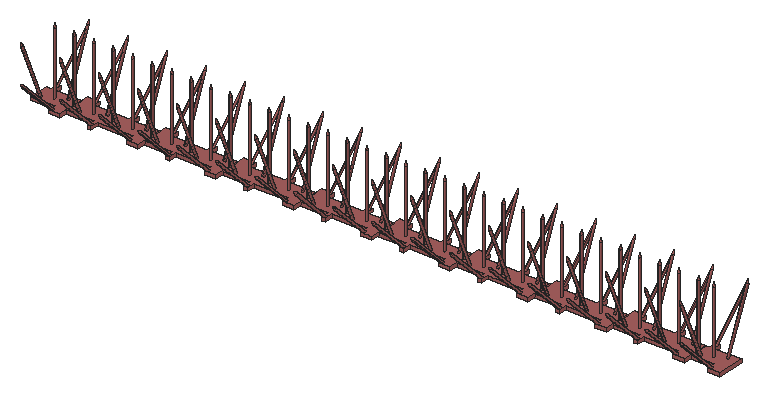
Revit family "BirdControl_Spikes_BirdBGone_2000", category Specialty Equipment, Revit 2017
Family settings
  Round Connector Dimension = Use Diameter
  Part Type = Normal
  OmniClass Number = 23.40.10.14.14.99
  OmniClass Title = Other Manufactured Exterior Specialties
  Cut with Voids When Loaded = No
  Shared = No
  Room Calculation Point = No
Parameters (values of type "BirdBGone template - Line Based")
  Warranty Duration (Years) = 0
  Units [instance] = ([built-in parameter 1001306] - 0' 7") / 0' 5"  # 8
  URL = "http://www.birdbgone.com/"
  Test Data = "http://www.birdbgone.com/bird-control-product-msds"
  Specification = "http://www.arcat.com/sdspecs/htm/10290bir.htm"
  SpecWizard = ""
  Send Message = "http://www.arcat.com/users.pl?action=UserEmail&company=Bird-B-Gone,%20Inc.&coid=38371&rep=147&fax=949-472-3116&mf="
  Sales Information = "http://www.birdbgone.com/bird-control-store/"
  Revision = "R1_10-2010"
  Product Properties = "http://www.arcat.com/bim/bim_info.pl?fn=BirdBGone"
  Product Data = "http://www.arcat.com/arcatcos/cos38/arc38371.html"
  Model = "As Specified in 10 81 19"
  Material = Plastic - Bird B Gone - Polycarbonate - Brick Red
  Manufacturer Website = "http://www.birdbgone.com/"
  Manufacturer Phone - Toll Free = "800-392-6915"
  Manufacturer Phone = "949-472-3122"
  Manufacturer Fax = "949-472-3116"
  Manufacturer Address = "23918 Skyline, Mission Viejo, CA 92692"
  Manufacturer = "Bird-B-Gone, Inc."
  Maintenance Schedule (Months) = 0
  built-in parameter 1001306 [instance] = 4' - 0"
  Keynote = "10 81 19"
  Installation-Fabrication = "http://www.birdbgone.com/installation-instructions"
  Installation Phase = ""
  Green Building-LEED = "http://www.arcat.com/green/clients/leed_data_38371.html"
  Expected Lifespan (Years) = 0
  End [instance] = Units * 0' 5"  # 3' - 4"
  Drawn By = "Robert S. Weygant, CSI, CDT, SCIP"
  Description = "Bird Control Equipment as Specified in 10 81 19"
  Copyright = "2010 ARCAT, Inc."
  Construction Details = "http://www.arcat.com/details/birdbgon/birdbgon.html?coid=38371"
  Building Codes = "http://www.birdbgone.com/knowledge-center/"
  Back Row 2 = yes
  Back Row 1 = yes
  Assembly Code = "E1090900"
Reference planes (in)
  plane 1 "Center (Front/Back)": y = 0
  plane 2: z = 0
  plane 3 "Left": x = 0
  plane 4 "Right": x = 48
  plane 5: y = 0.625
  plane 6: y = -0.625
  plane 7: x = 2.25
  plane 8: x = 42.25
Lines and regions (in)
  reference lines
    curve 1: line (0, 0, 0) -> (48, 0, 0)
Dimensions and locks (in)
  "built-in parameter 1001306": plane 3 "Left" to plane 4 "Right"
  equal spacing: plane 5, curve 1, plane 6
  locked: plane 5 to plane 6 at 1.25
  equal spacing: group 1, group 2, group 3, group 4, group 5, group 6, group 7, group 8  (x3)
  locked: plane 3 "Left" to plane 7 at 2.25
  "End": plane 7 to plane 8
  aligned and locked: plane 4 "Right" to curve 1
  aligned and locked: plane 3 "Left" to curve 1
  aligned and locked: nested 10 to plane 8
Nested families (in)
  nested 1: "SpikeUnit_2000_End" at (0, 0, 0) x (0, -1, 0) z (0, 0, 1), Back Row 2 <- "Back Row 2", Back Row 1 <- "Back Row 1", Material <- "Material", type "BirdBGone template - Standalone"
    with offset 0' - 0", Unit Height 0' - 4 1/2", Material Plastic - Bird B Gone - Polycarbonate - Brick Red, End Peg yes, Back Row 2 yes, Back Row 1 yes
  nested 2: "SpikeUnit_2000" at (4.75, 0, 0) x (0, -1, 0) z (0, 0, 1), Back Row 2 <- "Back Row 2", Back Row 1 <- "Back Row 1", Material <- "Material", type "BirdBGone template - Standalone"
    with offset 0' - 0", Unit Height 0' - 4 1/2", Material Plastic - Bird B Gone - Polycarbonate - Brick Red, Back Row 2 yes, Back Row 1 yes
  nested 3: "SpikeUnit_2000" at (9.75, 0, 0) x (0, -1, 0) z (0, 0, 1), Back Row 2 <- "Back Row 2", Back Row 1 <- "Back Row 1", Material <- "Material", type "BirdBGone template - Standalone"
    with offset 0' - 0", Unit Height 0' - 4 1/2", Material Plastic - Bird B Gone - Polycarbonate - Brick Red, Back Row 2 yes, Back Row 1 yes
  nested 4: "SpikeUnit_2000" at (14.75, 0, 0) x (0, -1, 0) z (0, 0, 1), Back Row 2 <- "Back Row 2", Back Row 1 <- "Back Row 1", Material <- "Material", type "BirdBGone template - Standalone"
    with offset 0' - 0", Unit Height 0' - 4 1/2", Material Plastic - Bird B Gone - Polycarbonate - Brick Red, Back Row 2 yes, Back Row 1 yes
  nested 5: "SpikeUnit_2000" at (19.75, 0, 0) x (0, -1, 0) z (0, 0, 1), Back Row 2 <- "Back Row 2", Back Row 1 <- "Back Row 1", Material <- "Material", type "BirdBGone template - Standalone"
    with offset 0' - 0", Unit Height 0' - 4 1/2", Material Plastic - Bird B Gone - Polycarbonate - Brick Red, Back Row 2 yes, Back Row 1 yes
  nested 6: "SpikeUnit_2000" at (24.75, 0, 0) x (0, -1, 0) z (0, 0, 1), Back Row 2 <- "Back Row 2", Back Row 1 <- "Back Row 1", Material <- "Material", type "BirdBGone template - Standalone"
    with offset 0' - 0", Unit Height 0' - 4 1/2", Material Plastic - Bird B Gone - Polycarbonate - Brick Red, Back Row 2 yes, Back Row 1 yes
  nested 7: "SpikeUnit_2000" at (29.75, 0, 0) x (0, -1, 0) z (0, 0, 1), Back Row 2 <- "Back Row 2", Back Row 1 <- "Back Row 1", Material <- "Material", type "BirdBGone template - Standalone"
    with offset 0' - 0", Unit Height 0' - 4 1/2", Material Plastic - Bird B Gone - Polycarbonate - Brick Red, Back Row 2 yes, Back Row 1 yes
  nested 8: "SpikeUnit_2000" at (34.75, 0, 0) x (0, -1, 0) z (0, 0, 1), Back Row 2 <- "Back Row 2", Back Row 1 <- "Back Row 1", Material <- "Material", type "BirdBGone template - Standalone"
    with offset 0' - 0", Unit Height 0' - 4 1/2", Material Plastic - Bird B Gone - Polycarbonate - Brick Red, Back Row 2 yes, Back Row 1 yes
  nested 9: "SpikeUnit_2000" at (39.75, 0, 0) x (0, -1, 0) z (0, 0, 1), Back Row 2 <- "Back Row 2", Back Row 1 <- "Back Row 1", Material <- "Material", type "BirdBGone template - Standalone"
    with offset 0' - 0", Unit Height 0' - 4 1/2", Material Plastic - Bird B Gone - Polycarbonate - Brick Red, Back Row 2 yes, Back Row 1 yes
  nested 10: "SpikeUnit_2000_End" at (42.25, 0, 0) x (0, -1, 0) z (0, 0, 1), Back Row 2 <- "Back Row 2", Back Row 1 <- "Back Row 1", Material <- "Material", type "BirdBGone template - Standalone"
    with offset 0' - 0", Unit Height 0' - 4 1/2", Material Plastic - Bird B Gone - Polycarbonate - Brick Red, End Peg no, Back Row 2 yes, Back Row 1 yes
Definition of nested family "SpikeUnit_2000_End"
  Parameters
    offset [instance] = 0' - 0"
    Warranty Duration (Years) = 0
    Unit Width = 0' - 7"
    Unit Height [instance] = 0' - 4 1/2"
    Unit Depth = 0' - 0 1/4"
    URL = "http://www.birdbgone.com/"
    Test Data = "http://www.birdbgone.com/bird-control-product-msds"
    Specification = "http://www.arcat.com/sdspecs/htm/10290bir.htm"
    SpecWizard = ""
    Send Message = "http://www.arcat.com/users.pl?action=UserEmail&company=Bird-B-Gone,%20Inc.&coid=38371&rep=147&fax=949-472-3116&mf="
    Sales Information = "http://www.birdbgone.com/bird-control-store/"
    Revision = "R1_10-2010"
    Product Properties = "http://www.arcat.com/bim/bim_info.pl?fn=BirdBGone"
    Product Data = "http://www.arcat.com/arcatcos/cos38/arc38371.html"
    Model = "As Specified in 10 81 19"
    Material [instance] = none
    Manufacturer Website = "http://www.birdbgone.com/"
    Manufacturer Phone - Toll Free = "800-392-6915"
    Manufacturer Phone = "949-472-3122"
    Manufacturer Fax = "949-472-3116"
    Manufacturer Address = "23918 Skyline, Mission Viejo, CA 92692"
    Manufacturer = "Bird-B-Gone, Inc."
    Maintenance Schedule (Months) = 0
    Keynote = "10 81 19"
    Installation-Fabrication = "http://www.birdbgone.com/installation-instructions"
    Installation Phase = ""
    Green Building-LEED = "http://www.arcat.com/green/clients/leed_data_38371.html"
    Expected Lifespan (Years) = 0
    End Peg [instance] = yes
    Drawn By = "Robert S. Weygant, CSI, CDT, SCIP"
    Description = "Bird Control Equipment as Specified in 10 81 19"
    Copyright = "wt"
    Construction Details = "http://www.arcat.com/details/birdbgon/birdbgon.html?coid=38371"
    Building Codes = "http://www.birdbgone.com/knowledge-center/"
    Back Row 2 [instance] = yes
    Back Row 1 [instance] = yes
    Assembly Code = "E1090900"
  Reference planes (in)
    plane 1 "Center (Front/Back)": y = 0
    plane 2 "Bottom": z = 0
    plane 3 "Center (Left/Right)": x = 0
    plane 4 "Top": z = 4.5
    plane 5: y = 2.25
  Forms (in)
    Extrusion 1, solid, material <- "Material"
      sketch origin (0, -0.5, 0) x (0, -1, 0) y (1, 0, 0)
        loop
          line (-0.5, -0.625) -> (-0.5, 0.625) -> (-2, 0.625) -> (-2, 1.125) -> (-2.75, 1.125) -> (-2.75, -0.625) -> (-1.00192, -0.625) -> (-1.00192, -1.125) -> (-0.75, -1.125) -> (-0.75, -0.625) -> (-0.5, -0.625)
      from 0 to 0.21875
    Revolve 2, solid, material <- "Material", detail levels medium+fine
      sketch origin (0.78125, 1.625, 0) x (0.707107, 0, 0.707107) y (-0.707107, 0, 0.707107)
        loop
          line (3.875, 0) -> (0.15782, 0) -> (0.15782, -0.0625) -> (3.64088, -0.0625) -> (3.875, 0)
        axis (3.875, 0) -> (0.15782, 0)
      angle from 0 to 360
    Revolve 3, solid, material <- "Material", visible <- "Back Row 2", detail levels medium+fine
      sketch origin (-0.78125, 0.375, 0) x (-0.707107, 0, 0.707107) y (-0.707107, 0, -0.707107)
        loop
          line (3.875, 0) -> (3.64088, 0.0625) -> (0.15782, 0.0625) -> (0.15782, 0) -> (3.875, 0)
        axis (3.875, 0) -> (0.15782, 0)
      angle from 0 to 360
    Revolve 4, solid, material <- "Material", visible <- "Back Row 1", detail levels medium+fine
      sketch origin (-0.18577, 1.625, 0) x (-0.707107, 0, 0.707107) y (-0.707107, 0, -0.707107)
        loop
          line (4.10185, -1.59349) -> (3.90819, -1.44784) -> (0.24709, 0.03134) -> (0.22368, -0.02661) -> (4.10185, -1.59349)
        axis (4.10185, -1.59349) -> (0.22368, -0.02661)
      angle from 0 to 360
    Revolve 5, solid, material <- "Material", detail levels medium+fine
      sketch origin (0.18577, 0.375, 0) x (0.707107, 0, 0.707107) y (-0.707107, 0, 0.707107)
        loop
          line (4.10185, 1.59349) -> (0.22368, 0.02661) -> (0.24709, -0.03134) -> (3.90819, 1.44784) -> (4.10185, 1.59349)
        axis (4.10185, 1.59349) -> (0.22368, 0.02661)
      angle from 0 to 360
    Revolve 6, solid, material <- "Material", detail levels medium+fine
      sketch origin (-0.05912, 1, -0.04038) x (0.374607, 0, 0.927184) y (-0.927184, 0, 0.374607)
        loop
          line (4.23191, 1.64604) -> (0.26241, 0.04225) -> (0.28582, -0.01569) -> (4.03825, 1.50039) -> (4.23191, 1.64604)
        axis (4.23191, 1.64604) -> (0.26241, 0.04225)
      angle from 0 to 360
    Revolve 7, solid, material <- "Material", visible <- "End Peg", detail levels medium+fine
      sketch origin (-0.05912, 2.25, -0.04038) x (0.374607, 0, 0.927184) y (-0.927184, 0, 0.374607)
        loop
          line (4.23191, 1.64604) -> (0.26241, 0.04225) -> (0.28582, -0.01569) -> (4.03825, 1.50039) -> (4.23191, 1.64604)
        axis (4.23191, 1.64604) -> (0.26241, 0.04225)
      angle from 0 to 360
  Lines and regions (in)
    model lines, detail levels coarse
      curve 1: line (0, 1, 0.21875) -> (0, 1, 4.5)
      curve 2: line (0.34375, 0.375, 0.21875) -> (1.95937, 0.375, 4.02714)
      curve 4: line (1, 1.625, 0.21875) -> (3.5213, 1.625, 2.74005)
    model lines, visible <- "Back Row 1", detail levels coarse
      curve 3: line (-0.34375, 1.625, 0.21875) -> (-1.95937, 1.625, 4.02714)
    model lines, visible <- "Back Row 2", detail levels coarse
      curve 5: line (-1, 0.375, 0.21875) -> (-3.5213, 0.375, 2.74005)
    model lines, visible <- "End Peg", detail levels coarse
      curve 6: line (0, 2.25, 0.21875) -> (0, 2.25, 4.5)
  Dimensions and locks (in)
    "Unit Height": plane 4 "Top" to level
  Automatic sketch dimensions
    Extrusion 1 sketch curve to plane 5 = 0' - 0"
    Extrusion 1 sketch curve to plane 1 "Center (Front/Back)" = 0' - 0"
    Extrusion 1 sketch curve to Extrusion 1 sketch curve = 0' - 0 3/4"
    Extrusion 1 sketch curve to plane 1 "Center (Front/Back)" = 0' - 0.50192"
    Extrusion 1 sketch curve to plane 1 "Center (Front/Back)" = 0' - 0 1/4"
    Extrusion 1 sketch curve to plane 3 "Center (Left/Right)" = 0' - 1 1/8"
    Extrusion 1 sketch curve to Extrusion 1 sketch curve = 0' - 0 1/2"  (x2)
    Extrusion 1 sketch curve to plane 3 "Center (Left/Right)" = 0' - 0 5/8"
    plane 3 "Center (Left/Right)" to Extrusion 1 sketch curve = 0' - 0 5/8"
    Revolve 2 sketch curve to plane 3 "Center (Left/Right)" = 0' - 0.22412"
    Revolve 2 sketch curve to level = 0' - 1.00537"
    Revolve 2 sketch curve to Revolve 2 sketch curve = 0' - 1.57963"
    Revolve 2 sketch curve to Revolve 2 sketch curve = 0' - 3.48306"
    Revolve 2 sketch curve to Revolve 2 sketch curve = 0' - 0.23412"
    Revolve 2 sketch curve to Revolve 2 sketch curve = 0' - 1.2032"
    Revolve 2 sketch curve to Revolve 2 sketch curve = 0' - 0"
    Revolve 2 sketch curve to Revolve 2 sketch curve = 0' - 0 1/16"
    plane 3 "Center (Left/Right)" to Revolve 3 sketch curve = 0' - 0.22412"
    Revolve 3 sketch curve to level = 0' - 1.00537"
    Revolve 3 sketch curve to Revolve 3 sketch curve = 0' - 1.57963"
    Revolve 3 sketch curve to Revolve 3 sketch curve = 0' - 3.48306"
    Revolve 3 sketch curve to Revolve 3 sketch curve = 0' - 0.23412"
    Revolve 3 sketch curve to Revolve 3 sketch curve = 0' - 1.2032"
    Revolve 3 sketch curve to Revolve 3 sketch curve = 0' - 0"
    Revolve 3 sketch curve to Revolve 3 sketch curve = 0' - 0 1/16"
    plane 3 "Center (Left/Right)" to Revolve 4 sketch curve = 0' - 0.31984"
    Revolve 4 sketch curve to level = 0' - 1.34246"
    Revolve 4 sketch curve to Revolve 4 sketch curve = 0' - 1.53046"
    Revolve 4 sketch curve to Revolve 4 sketch curve = 0' - 0.02341"
    Revolve 4 sketch curve to Revolve 4 sketch curve = 0' - 3.6611"
    Revolve 4 sketch curve to Revolve 4 sketch curve = 0' - 0.19366"
    Revolve 4 sketch curve to Revolve 4 sketch curve = 0' - 0.61807"
    Revolve 4 sketch curve to Revolve 4 sketch curve = 0' - 0.5604"
    Revolve 4 sketch curve to Revolve 4 sketch curve = 0' - 0.05795"
    Revolve 4 sketch curve to Revolve 4 sketch curve = 0' - 0.24972"
    Revolve 5 sketch curve to plane 3 "Center (Left/Right)" = 0' - 0.31984"
    Revolve 5 sketch curve to level = 0' - 1.34246"
    Revolve 5 sketch curve to Revolve 5 sketch curve = 0' - 1.53046"
    Revolve 5 sketch curve to Revolve 5 sketch curve = 0' - 0.02341"
    Revolve 5 sketch curve to Revolve 5 sketch curve = 0' - 3.6611"
    Revolve 5 sketch curve to Revolve 5 sketch curve = 0' - 0.19366"
    Revolve 5 sketch curve to Revolve 5 sketch curve = 0' - 0.61807"
    Revolve 5 sketch curve to Revolve 5 sketch curve = 0' - 0.5604"
    Revolve 5 sketch curve to Revolve 5 sketch curve = 0' - 0.05795"
    Revolve 5 sketch curve to Revolve 5 sketch curve = 0' - 0.24972"
    Revolve 6 sketch curve to plane 3 "Center (Left/Right)" = 0' - 0"  (x4)
    Revolve 6 sketch curve to plane 4 "Top" = 0' - 0"
    Revolve 6 sketch curve to Revolve 6 sketch curve = 0' - 0.19366"
    Revolve 6 sketch curve to Revolve 6 sketch curve = 0' - 3.75243"
    Revolve 6 sketch curve to Revolve 6 sketch curve = 0' - 0.02341"
    Revolve 6 sketch curve to Revolve 6 sketch curve = 0' - 1.56919"
    Revolve 6 sketch curve to Revolve 6 sketch curve = 0' - 0.488"
    curve 1 to plane 3 "Center (Left/Right)" = 0' - 0"  (x2)
    curve 1 to plane 4 "Top" = 0' - 0"
    curve 1 to curve 1 = 0' - 3.0273"
    curve 5 to plane 4 "Top" = 0' - 1.75995"
    curve 5 to plane 3 "Center (Left/Right)" = 0' - 3.5213"
    curve 5 to curve 2 = 0' - 0.95017"
    curve 2 to curve 2 = 0' - 3.83535"
    curve 2 to curve 5 = 0' - 2.9653"
    curve 5 to curve 5 = 0' - 3.56565"
    curve 2 to curve 5 = 0' - 0.95017"
    level to curve 3 = 0' - 0 7/32"
    curve 3 to plane 3 "Center (Left/Right)" = 0' - 0 11/32"
    curve 3 to curve 4 = 0' - 0.95017"
    curve 3 to curve 3 = 0' - 1.55053"
    curve 4 to curve 4 = 0' - 3.56565"
    curve 4 to curve 3 = 0' - 0.95017"
    curve 3 to curve 3 = 0' - 3.83535"
    Revolve 7 sketch curve to plane 3 "Center (Left/Right)" = 0' - 0"  (x4)
    Revolve 7 sketch curve to plane 4 "Top" = 0' - 0"
    Revolve 7 sketch curve to Revolve 7 sketch curve = 0' - 0.19366"
    Revolve 7 sketch curve to Revolve 7 sketch curve = 0' - 3.75243"
    Revolve 7 sketch curve to Revolve 7 sketch curve = 0' - 0.02341"
    Revolve 7 sketch curve to Revolve 7 sketch curve = 0' - 1.56919"
    Revolve 7 sketch curve to Revolve 7 sketch curve = 0' - 0.488"
    curve 6 to plane 3 "Center (Left/Right)" = 0' - 0"  (x2)
    curve 6 to plane 4 "Top" = 0' - 0"
    curve 6 to curve 6 = 0' - 3.0273"
Definition of nested family "SpikeUnit_2000"
  Parameters
    offset [instance] = 0' - 0"
    Warranty Duration (Years) = 0
    Unit Width = 0' - 7"
    Unit Height [instance] = 0' - 4 1/2"
    Unit Depth = 0' - 0 1/4"
    URL = "http://www.birdbgone.com/"
    Test Data = "http://www.birdbgone.com/bird-control-product-msds"
    Specification = "http://www.arcat.com/sdspecs/htm/10290bir.htm"
    SpecWizard = ""
    Send Message = "http://www.arcat.com/users.pl?action=UserEmail&company=Bird-B-Gone,%20Inc.&coid=38371&rep=147&fax=949-472-3116&mf="
    Sales Information = "http://www.birdbgone.com/bird-control-store/"
    Revision = "R1_10-2010"
    Product Properties = "http://www.arcat.com/bim/bim_info.pl?fn=BirdBGone"
    Product Data = "http://www.arcat.com/arcatcos/cos38/arc38371.html"
    Model = "As Specified in 10 81 19"
    Material [instance] = none
    Manufacturer Website = "http://www.birdbgone.com/"
    Manufacturer Phone - Toll Free = "800-392-6915"
    Manufacturer Phone = "949-472-3122"
    Manufacturer Fax = "949-472-3116"
    Manufacturer Address = "23918 Skyline, Mission Viejo, CA 92692"
    Manufacturer = "Bird-B-Gone, Inc."
    Maintenance Schedule (Months) = 0
    Keynote = "10 81 19"
    Installation-Fabrication = "http://www.birdbgone.com/installation-instructions"
    Installation Phase = ""
    Green Building-LEED = "http://www.arcat.com/green/clients/leed_data_38371.html"
    Expected Lifespan (Years) = 0
    Drawn By = "Robert S. Weygant, CSI, CDT, SCIP"
    Description = "Bird Control Equipment as Specified in 10 81 19"
    Copyright = "wt"
    Construction Details = "http://www.arcat.com/details/birdbgon/birdbgon.html?coid=38371"
    Building Codes = "http://www.birdbgone.com/knowledge-center/"
    Back Row 2 [instance] = yes
    Back Row 1 [instance] = yes
    Assembly Code = "E1090900"
  Reference planes (in)
    plane 1 "Center (Front/Back)": y = 0
    plane 2 "Bottom": z = 0
    plane 3 "Center (Left/Right)": x = 0
    plane 4 "Top": z = 4.5
    plane 5: y = 2.5
    plane 6: y = -2.5
  Forms (in)
    Extrusion 1, solid, material <- "Material"
      sketch origin (0, -0.25, 0) x (0, -1, 0) y (1, 0, 0)
        loop
          line (1.5, -0.625) -> (1.5, -1.125) -> (2.25, -1.125) -> (2.25, 0.625) -> (0.5, 0.625) -> (0.5, 1.125) -> (0.24808, 1.125) -> (0.24808, 0.625) -> (-2, 0.625) -> (-2, 1.125) -> (-2.75, 1.125) -> (-2.75, -0.625) -> (-1.00192, -0.625) -> (-1.00192, -1.125) -> (-0.75, -1.125) -> (-0.75, -0.625) -> (1.5, -0.625)
      from 0 to 0.21875
    Revolve 2, solid, material <- "Material", detail levels medium+fine
      sketch origin (0.78125, 1.875, 0) x (0.707107, 0, 0.707107) y (-0.707107, 0, 0.707107)
        loop
          line (3.875, 0) -> (0.15782, 0) -> (0.15782, -0.0625) -> (3.64088, -0.0625) -> (3.875, 0)
        axis (3.875, 0) -> (0.15782, 0)
      angle from 0 to 360
    Revolve 3, solid, material <- "Material", detail levels medium+fine
      sketch origin (0.78125, -0.625, 0) x (0.707107, 0, 0.707107) y (-0.707107, 0, 0.707107)
        loop
          line (3.875, 0) -> (0.15782, 0) -> (0.15782, -0.0625) -> (3.64088, -0.0625) -> (3.875, 0)
        axis (3.875, 0) -> (0.15782, 0)
      angle from 0 to 360
    Revolve 4, solid, material <- "Material", visible <- "Back Row 2", detail levels medium+fine
      sketch origin (-0.78125, 0.625, 0) x (-0.707107, 0, 0.707107) y (-0.707107, 0, -0.707107)
        loop
          line (3.875, 0) -> (3.64088, 0.0625) -> (0.15782, 0.0625) -> (0.15782, 0) -> (3.875, 0)
        axis (3.875, 0) -> (0.15782, 0)
      angle from 0 to 360
    Revolve 5, solid, material <- "Material", visible <- "Back Row 2", detail levels medium+fine
      sketch origin (-0.78125, -1.875, 0) x (-0.707107, 0, 0.707107) y (-0.707107, 0, -0.707107)
        loop
          line (3.875, 0) -> (3.64088, 0.0625) -> (0.15782, 0.0625) -> (0.15782, 0) -> (3.875, 0)
        axis (3.875, 0) -> (0.15782, 0)
      angle from 0 to 360
    Revolve 6, solid, material <- "Material", visible <- "Back Row 1", detail levels medium+fine
      sketch origin (-0.18577, 1.875, 0) x (-0.707107, 0, 0.707107) y (-0.707107, 0, -0.707107)
        loop
          line (4.10185, -1.59349) -> (3.90819, -1.44784) -> (0.24709, 0.03134) -> (0.22368, -0.02661) -> (4.10185, -1.59349)
        axis (4.10185, -1.59349) -> (0.22368, -0.02661)
      angle from 0 to 360
    Revolve 7, solid, material <- "Material", visible <- "Back Row 1", detail levels medium+fine
      sketch origin (-0.18577, -0.625, 0) x (-0.707107, 0, 0.707107) y (-0.707107, 0, -0.707107)
        loop
          line (4.10185, -1.59349) -> (3.90819, -1.44784) -> (0.24709, 0.03134) -> (0.22368, -0.02661) -> (4.10185, -1.59349)
        axis (4.10185, -1.59349) -> (0.22368, -0.02661)
      angle from 0 to 360
    Revolve 8, solid, material <- "Material", detail levels medium+fine
      sketch origin (0.18577, 0.625, 0) x (0.707107, 0, 0.707107) y (-0.707107, 0, 0.707107)
        loop
          line (4.10185, 1.59349) -> (0.22368, 0.02661) -> (0.24709, -0.03134) -> (3.90819, 1.44784) -> (4.10185, 1.59349)
        axis (4.10185, 1.59349) -> (0.22368, 0.02661)
      angle from 0 to 360
    Revolve 9, solid, material <- "Material", detail levels medium+fine
      sketch origin (0.18577, -1.875, 0) x (0.707107, 0, 0.707107) y (-0.707107, 0, 0.707107)
        loop
          line (4.10185, 1.59349) -> (0.22368, 0.02661) -> (0.24709, -0.03134) -> (3.90819, 1.44784) -> (4.10185, 1.59349)
        axis (4.10185, 1.59349) -> (0.22368, 0.02661)
      angle from 0 to 360
    Revolve 10, solid, material <- "Material", detail levels medium+fine
      sketch origin (-0.05912, -1.25, -0.04038) x (0.374607, 0, 0.927184) y (-0.927184, 0, 0.374607)
        loop
          line (4.23191, 1.64604) -> (0.26241, 0.04225) -> (0.28582, -0.01569) -> (4.03825, 1.50039) -> (4.23191, 1.64604)
        axis (4.23191, 1.64604) -> (0.26241, 0.04225)
      angle from 0 to 360
    Revolve 11, solid, material <- "Material", detail levels medium+fine
      sketch origin (-0.05912, 1.25, -0.04038) x (0.374607, 0, 0.927184) y (-0.927184, 0, 0.374607)
        loop
          line (4.23191, 1.64604) -> (0.26241, 0.04225) -> (0.28582, -0.01569) -> (4.03825, 1.50039) -> (4.23191, 1.64604)
        axis (4.23191, 1.64604) -> (0.26241, 0.04225)
      angle from 0 to 360
    Revolve 12, solid, material <- "Material", detail levels medium+fine
      sketch origin (-0.05912, 0, -0.04038) x (0.374607, 0, 0.927184) y (-0.927184, 0, 0.374607)
        loop
          line (4.23191, 1.64604) -> (0.26241, 0.04225) -> (0.28582, -0.01569) -> (4.03825, 1.50039) -> (4.23191, 1.64604)
        axis (4.23191, 1.64604) -> (0.26241, 0.04225)
      angle from 0 to 360
    Revolve 13, solid, material <- "Material", detail levels medium+fine
      sketch origin (-0.05912, 2.5, -0.04038) x (0.374607, 0, 0.927184) y (-0.927184, 0, 0.374607)
        loop
          line (4.23191, 1.64604) -> (0.26241, 0.04225) -> (0.28582, -0.01569) -> (4.03825, 1.50039) -> (4.23191, 1.64604)
        axis (4.23191, 1.64604) -> (0.26241, 0.04225)
      angle from 0 to 360
  Lines and regions (in)
    model lines, detail levels coarse
      curve 1: line (0, 0, 0.21875) -> (0, 0, 4.5)
      curve 2: line (0, -1.25, 0.21875) -> (0, -1.25, 4.5)
      curve 3: line (0, 1.25, 0.21875) -> (0, 1.25, 4.5)
      curve 4: line (0.34375, -1.875, 0.21875) -> (1.95937, -1.875, 4.02714)
      curve 5: line (0.34375, 0.625, 0.21875) -> (1.95937, 0.625, 4.02714)
      curve 8: line (1, -0.625, 0.21875) -> (3.5213, -0.625, 2.74005)
      curve 9: line (1, 1.875, 0.21875) -> (3.5213, 1.875, 2.74005)
      curve 12: line (0, 2.5, 0.21875) -> (0, 2.5, 4.5)
    model lines, visible <- "Back Row 1", detail levels coarse
      curve 6: line (-0.34375, -0.625, 0.21875) -> (-1.95937, -0.625, 4.02714)
      curve 7: line (-0.34375, 1.875, 0.21875) -> (-1.95937, 1.875, 4.02714)
    model lines, visible <- "Back Row 2", detail levels coarse
      curve 10: line (-1, -1.875, 0.21875) -> (-3.5213, -1.875, 2.74005)
      curve 11: line (-1, 0.625, 0.21875) -> (-3.5213, 0.625, 2.74005)
  Dimensions and locks (in)
    "Unit Height": plane 4 "Top" to level
  Automatic sketch dimensions
    curve 1 to plane 3 "Center (Left/Right)" = 0' - 0"  (x2)
    curve 1 to plane 4 "Top" = 0' - 0"
    curve 1 to curve 1 = 0' - 3.0273"
    Extrusion 1 sketch curve to plane 5 = 0' - 0"
    Extrusion 1 sketch curve to plane 6 = 0' - 0"
    Extrusion 1 sketch curve to Extrusion 1 sketch curve = 0' - 0 3/4"
    Extrusion 1 sketch curve to plane 1 "Center (Front/Back)" = 0' - 0.75192"
    Extrusion 1 sketch curve to Extrusion 1 sketch curve = 0' - 0.25192"  (x2)
    plane 1 "Center (Front/Back)" to Extrusion 1 sketch curve = 0' - 0.49808"
    plane 6 to Extrusion 1 sketch curve = 0' - 0 3/4"
    Extrusion 1 sketch curve to plane 3 "Center (Left/Right)" = 0' - 1 1/8"  (x2)
    Extrusion 1 sketch curve to Extrusion 1 sketch curve = 0' - 0 1/2"  (x3)
    Extrusion 1 sketch curve to Extrusion 1 sketch curve = 0' - 0"
    plane 3 "Center (Left/Right)" to Extrusion 1 sketch curve = 0' - 0 5/8"  (x2)
    Revolve 2 sketch curve to plane 3 "Center (Left/Right)" = 0' - 0.22412"
    Revolve 2 sketch curve to level = 0' - 1.00537"
    Revolve 2 sketch curve to Revolve 2 sketch curve = 0' - 1.57963"
    Revolve 2 sketch curve to Revolve 2 sketch curve = 0' - 3.48306"
    Revolve 2 sketch curve to Revolve 2 sketch curve = 0' - 0.23412"
    Revolve 2 sketch curve to Revolve 2 sketch curve = 0' - 1.2032"
    Revolve 2 sketch curve to Revolve 2 sketch curve = 0' - 0"
    Revolve 2 sketch curve to Revolve 2 sketch curve = 0' - 0 1/16"
    Revolve 3 sketch curve to plane 3 "Center (Left/Right)" = 0' - 0.22412"
    Revolve 3 sketch curve to level = 0' - 1.00537"
    Revolve 3 sketch curve to Revolve 3 sketch curve = 0' - 1.57963"
    Revolve 3 sketch curve to Revolve 3 sketch curve = 0' - 3.48306"
    Revolve 3 sketch curve to Revolve 3 sketch curve = 0' - 0.23412"
    Revolve 3 sketch curve to Revolve 3 sketch curve = 0' - 1.2032"
    Revolve 3 sketch curve to Revolve 3 sketch curve = 0' - 0"
    Revolve 3 sketch curve to Revolve 3 sketch curve = 0' - 0 1/16"
    plane 3 "Center (Left/Right)" to Revolve 4 sketch curve = 0' - 0.22412"
    Revolve 4 sketch curve to level = 0' - 1.00537"
    Revolve 4 sketch curve to Revolve 4 sketch curve = 0' - 1.57963"
    Revolve 4 sketch curve to Revolve 4 sketch curve = 0' - 3.48306"
    Revolve 4 sketch curve to Revolve 4 sketch curve = 0' - 0.23412"
    Revolve 4 sketch curve to Revolve 4 sketch curve = 0' - 1.2032"
    Revolve 4 sketch curve to Revolve 4 sketch curve = 0' - 0"
    Revolve 4 sketch curve to Revolve 4 sketch curve = 0' - 0 1/16"
    plane 3 "Center (Left/Right)" to Revolve 5 sketch curve = 0' - 0.22412"
    Revolve 5 sketch curve to level = 0' - 1.00537"
    Revolve 5 sketch curve to Revolve 5 sketch curve = 0' - 1.57963"
    Revolve 5 sketch curve to Revolve 5 sketch curve = 0' - 3.48306"
    Revolve 5 sketch curve to Revolve 5 sketch curve = 0' - 0.23412"
    Revolve 5 sketch curve to Revolve 5 sketch curve = 0' - 1.2032"
    Revolve 5 sketch curve to Revolve 5 sketch curve = 0' - 0"
    Revolve 5 sketch curve to Revolve 5 sketch curve = 0' - 0 1/16"
    plane 3 "Center (Left/Right)" to Revolve 6 sketch curve = 0' - 0.31984"
    Revolve 6 sketch curve to level = 0' - 1.34246"
    Revolve 6 sketch curve to Revolve 6 sketch curve = 0' - 1.53046"
    Revolve 6 sketch curve to Revolve 6 sketch curve = 0' - 0.02341"
    Revolve 6 sketch curve to Revolve 6 sketch curve = 0' - 3.6611"
    Revolve 6 sketch curve to Revolve 6 sketch curve = 0' - 0.19366"
    Revolve 6 sketch curve to Revolve 6 sketch curve = 0' - 0.61807"
    Revolve 6 sketch curve to Revolve 6 sketch curve = 0' - 0.5604"
    Revolve 6 sketch curve to Revolve 6 sketch curve = 0' - 0.05795"
    Revolve 6 sketch curve to Revolve 6 sketch curve = 0' - 0.24972"
    plane 3 "Center (Left/Right)" to Revolve 7 sketch curve = 0' - 0.31984"
    Revolve 7 sketch curve to level = 0' - 1.34246"
    Revolve 7 sketch curve to Revolve 7 sketch curve = 0' - 1.53046"
    Revolve 7 sketch curve to Revolve 7 sketch curve = 0' - 0.02341"
    Revolve 7 sketch curve to Revolve 7 sketch curve = 0' - 3.6611"
    Revolve 7 sketch curve to Revolve 7 sketch curve = 0' - 0.19366"
    Revolve 7 sketch curve to Revolve 7 sketch curve = 0' - 0.61807"
    Revolve 7 sketch curve to Revolve 7 sketch curve = 0' - 0.5604"
    Revolve 7 sketch curve to Revolve 7 sketch curve = 0' - 0.05795"
    Revolve 7 sketch curve to Revolve 7 sketch curve = 0' - 0.24972"
    Revolve 8 sketch curve to plane 3 "Center (Left/Right)" = 0' - 0.31984"
    Revolve 8 sketch curve to level = 0' - 1.34246"
    Revolve 8 sketch curve to Revolve 8 sketch curve = 0' - 1.53046"
    Revolve 8 sketch curve to Revolve 8 sketch curve = 0' - 0.02341"
    Revolve 8 sketch curve to Revolve 8 sketch curve = 0' - 3.6611"
    Revolve 8 sketch curve to Revolve 8 sketch curve = 0' - 0.19366"
    Revolve 8 sketch curve to Revolve 8 sketch curve = 0' - 0.61807"
    Revolve 8 sketch curve to Revolve 8 sketch curve = 0' - 0.5604"
    Revolve 8 sketch curve to Revolve 8 sketch curve = 0' - 0.05795"
    Revolve 8 sketch curve to Revolve 8 sketch curve = 0' - 0.24972"
    Revolve 9 sketch curve to plane 3 "Center (Left/Right)" = 0' - 0.31984"
    Revolve 9 sketch curve to level = 0' - 1.34246"
    Revolve 9 sketch curve to Revolve 9 sketch curve = 0' - 1.53046"
    Revolve 9 sketch curve to Revolve 9 sketch curve = 0' - 0.02341"
    Revolve 9 sketch curve to Revolve 9 sketch curve = 0' - 3.6611"
    Revolve 9 sketch curve to Revolve 9 sketch curve = 0' - 0.19366"
    Revolve 9 sketch curve to Revolve 9 sketch curve = 0' - 0.61807"
    Revolve 9 sketch curve to Revolve 9 sketch curve = 0' - 0.5604"
    Revolve 9 sketch curve to Revolve 9 sketch curve = 0' - 0.05795"
    Revolve 9 sketch curve to Revolve 9 sketch curve = 0' - 0.24972"
    Revolve 10 sketch curve to plane 3 "Center (Left/Right)" = 0' - 0"  (x4)
    Revolve 10 sketch curve to plane 4 "Top" = 0' - 0"
    Revolve 10 sketch curve to Revolve 10 sketch curve = 0' - 0.19366"
    Revolve 10 sketch curve to Revolve 10 sketch curve = 0' - 3.75243"
    Revolve 10 sketch curve to Revolve 10 sketch curve = 0' - 0.02341"
    Revolve 10 sketch curve to Revolve 10 sketch curve = 0' - 1.56919"
    Revolve 10 sketch curve to Revolve 10 sketch curve = 0' - 0.488"
    Revolve 11 sketch curve to plane 3 "Center (Left/Right)" = 0' - 0"  (x4)
    Revolve 11 sketch curve to plane 4 "Top" = 0' - 0"
    Revolve 11 sketch curve to Revolve 11 sketch curve = 0' - 0.19366"
    Revolve 11 sketch curve to Revolve 11 sketch curve = 0' - 3.75243"
    Revolve 11 sketch curve to Revolve 11 sketch curve = 0' - 0.02341"
    Revolve 11 sketch curve to Revolve 11 sketch curve = 0' - 1.56919"
    Revolve 11 sketch curve to Revolve 11 sketch curve = 0' - 0.488"
    Revolve 12 sketch curve to plane 3 "Center (Left/Right)" = 0' - 0"  (x4)
    Revolve 12 sketch curve to plane 4 "Top" = 0' - 0"
    Revolve 12 sketch curve to Revolve 12 sketch curve = 0' - 0.19366"
    Revolve 12 sketch curve to Revolve 12 sketch curve = 0' - 3.75243"
    Revolve 12 sketch curve to Revolve 12 sketch curve = 0' - 0.02341"
    Revolve 12 sketch curve to Revolve 12 sketch curve = 0' - 1.56919"
    Revolve 12 sketch curve to Revolve 12 sketch curve = 0' - 0.488"
    curve 2 to plane 3 "Center (Left/Right)" = 0' - 0"  (x2)
    curve 2 to plane 4 "Top" = 0' - 0"
    curve 2 to curve 2 = 0' - 3.0273"
    curve 3 to plane 3 "Center (Left/Right)" = 0' - 0"  (x2)
    curve 3 to plane 4 "Top" = 0' - 0"
    curve 3 to curve 3 = 0' - 3.0273"
    level to curve 6 = 0' - 0 7/32"
    curve 6 to plane 3 "Center (Left/Right)" = 0' - 0 11/32"
    curve 6 to curve 8 = 0' - 0.95017"
    curve 6 to curve 6 = 0' - 1.55053"
    curve 8 to curve 8 = 0' - 3.56565"
    curve 8 to curve 6 = 0' - 0.95017"
    curve 6 to curve 6 = 0' - 3.83535"
    curve 10 to plane 4 "Top" = 0' - 1.75995"
    curve 10 to plane 3 "Center (Left/Right)" = 0' - 3.5213"
    curve 10 to curve 4 = 0' - 0.95017"
    curve 4 to curve 4 = 0' - 3.83535"
    curve 4 to curve 10 = 0' - 2.9653"
    curve 10 to curve 10 = 0' - 3.56565"
    curve 4 to curve 10 = 0' - 0.95017"
    curve 11 to plane 4 "Top" = 0' - 1.75995"
    curve 11 to plane 3 "Center (Left/Right)" = 0' - 3.5213"
    curve 11 to curve 5 = 0' - 0.95017"
    curve 5 to curve 5 = 0' - 3.83535"
    curve 5 to curve 11 = 0' - 2.9653"
    curve 11 to curve 11 = 0' - 3.56565"
    curve 5 to curve 11 = 0' - 0.95017"
    level to curve 7 = 0' - 0 7/32"
    curve 7 to plane 3 "Center (Left/Right)" = 0' - 0 11/32"
    curve 7 to curve 9 = 0' - 0.95017"
    curve 7 to curve 7 = 0' - 1.55053"
    curve 9 to curve 9 = 0' - 3.56565"
    curve 9 to curve 7 = 0' - 0.95017"
    curve 7 to curve 7 = 0' - 3.83535"
    curve 12 to plane 3 "Center (Left/Right)" = 0' - 0"  (x2)
    curve 12 to plane 4 "Top" = 0' - 0"
    curve 12 to curve 12 = 0' - 3.0273"
    Revolve 13 sketch curve to plane 3 "Center (Left/Right)" = 0' - 0"  (x4)
    Revolve 13 sketch curve to plane 4 "Top" = 0' - 0"
    Revolve 13 sketch curve to Revolve 13 sketch curve = 0' - 0.19366"
    Revolve 13 sketch curve to Revolve 13 sketch curve = 0' - 3.75243"
    Revolve 13 sketch curve to Revolve 13 sketch curve = 0' - 0.02341"
    Revolve 13 sketch curve to Revolve 13 sketch curve = 0' - 1.56919"
    Revolve 13 sketch curve to Revolve 13 sketch curve = 0' - 0.488"
